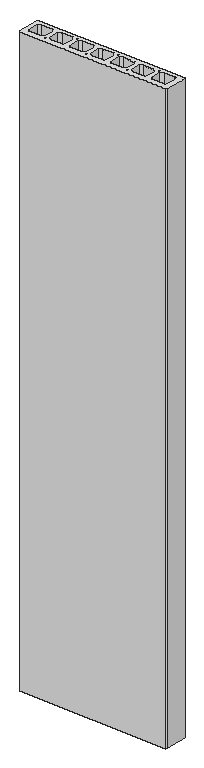
Revit family "ECP_MNLK-7750S6", category Generic Models, Revit 2022
Family settings
  Can host rebar = No
  Round Connector Dimension = Use Diameter
  Part Type = Normal
  Work Plane-Based = No
  Always vertical = Yes
  Cut with Voids When Loaded = Yes
  Maintain Annotation Orientation = No
  Shared = No
  Room Calculation Point = No
Parameters (values of type "ECP_MNLK-7750S6")
  長さ [instance] = 2000 mm
  穴表示 = yes
  材質 = 40Msr_ECP
  Default Elevation = 0 mm
  既存長さ = 510 mm
  幅 [instance] = 500 mm
  固定寸法 = 500 mm
  厚さ = 77 mm
  メースカット非表示 = yes
  メースカット [instance] = 既存長さ - 幅 - 10 mm  # 0 mm
  オースカット非表示 = no
  オースカット = 0 mm
Reference planes
  plane 1 "中心(正面/背面)": y = 0
  plane 2: z = 0
  plane 3 "中心(左/右)": x = 0
  plane 4: y = -38.5
  plane 5: y = 38.5
  plane 6: z = 2000
  plane 7: x = 500
Forms (mm)
  Extrusion 1, solid, material "40Msr_ECP" <- "材質", detail levels fine
    sketch origin (0, 0, 0) x (1, 0, 0) y (0, 1, 0)
      loop
        line (0, -35.5) -> (3, -38.5) -> (497, -38.5) -> (500, -35.5) -> (500, 35.5) -> (497, 38.5) -> (3, 38.5) -> (0, 35.5) -> (0, -35.5)
    from 0 to 2000
  Extrusion 2, void
    sketch origin (-50, 0, 0) x (1, 0, 0) y (0, 1, 0)
      loop
        line (550, -38.5) -> (560, -38.5) -> (560, 38.5) -> (550, 38.5) -> (550, -38.5)
    from 0 to 2000
  Extrusion 3, void
    sketch origin (-617, 0, 0) x (1, 0, 0) y (0, 1, 0)
      loop
        line (640, -23.5) -> (678.5, -23.5) -> (686.5, -15.5) -> (686.5, 15.5)
        arc (686.5, 15.5) -> (684.157, 21.157) -> (678.5, 23.5) r 8
        line (678.5, 23.5) -> (640, 23.5)
        arc (640, 23.5) -> (634.343, 21.157) -> (632, 15.5) r 8
        line (632, 15.5) -> (632, -15.5)
        arc (632, -15.5) -> (634.343, -21.157) -> (640, -23.5) r 8
      loop
        line (709.5, -23.5) -> (747.7, -23.5)
        arc (747.7, -23.5) -> (753.357, -21.157) -> (755.7, -15.5) r 8
        line (755.7, -15.5) -> (755.7, 15.5) -> (747.7, 23.5) -> (709.5, 23.5)
        arc (709.5, 23.5) -> (703.843, 21.157) -> (701.5, 15.5) r 8
        line (701.5, 15.5) -> (701.5, -15.5) -> (709.5, -23.5)
      loop
        line (778.7, -23.5) -> (816.9, -23.5) -> (824.9, -15.5) -> (824.9, 15.5)
        arc (824.9, 15.5) -> (822.557, 21.157) -> (816.9, 23.5) r 8
        line (816.9, 23.5) -> (778.7, 23.5) -> (770.7, 15.5) -> (770.7, -15.5)
        arc (770.7, -15.5) -> (773.043, -21.157) -> (778.7, -23.5) r 8
      loop
        line (847.9, -23.5) -> (886.1, -23.5)
        arc (886.1, -23.5) -> (891.757, -21.157) -> (894.1, -15.5) r 8
        line (894.1, -15.5) -> (894.1, 15.5) -> (886.1, 23.5) -> (847.9, 23.5)
        arc (847.9, 23.5) -> (842.243, 21.157) -> (839.9, 15.5) r 8
        line (839.9, 15.5) -> (839.9, -15.5) -> (847.9, -23.5)
      loop
        line (917.1, 23.5) -> (909.1, 15.5) -> (909.1, -15.5)
        arc (909.1, -15.5) -> (911.443, -21.157) -> (917.1, -23.5) r 8
        line (917.1, -23.5) -> (955.3, -23.5) -> (963.3, -15.5) -> (963.3, 15.5)
        arc (963.3, 15.5) -> (960.957, 21.157) -> (955.3, 23.5) r 8
        line (955.3, 23.5) -> (917.1, 23.5)
      loop
        arc (986.3, 23.5) -> (980.643, 21.157) -> (978.3, 15.5) r 8
        line (978.3, 15.5) -> (978.3, -15.5) -> (986.3, -23.5) -> (1023.5, -23.5)
        arc (1023.5, -23.5) -> (1029.864, -20.864) -> (1032.5, -14.5) r 9
        line (1032.5, -14.5) -> (1032.5, 15.5) -> (1024.5, 23.5) -> (986.3, 23.5)
      loop
        line (1055.5, 23.5) -> (1047.5, 15.5) -> (1047.5, -15.5)
        arc (1047.5, -15.5) -> (1049.843, -21.157) -> (1055.5, -23.5) r 8
        line (1055.5, -23.5) -> (1093.7, -23.5)
        arc (1093.7, -23.5) -> (1099.357, -21.157) -> (1101.7, -15.5) r 8
        line (1101.7, -15.5) -> (1101.7, 14.5)
        arc (1101.7, 14.5) -> (1099.064, 20.864) -> (1092.7, 23.5) r 9
        line (1092.7, 23.5) -> (1055.5, 23.5)
      loop
        circle (694, -23.5) r 1.3
      loop
        circle (763.2, 23.5) r 1.3
      loop
        circle (832.4, -23.5) r 1.3
      loop
        circle (901.6, 23.5) r 1.3
      loop
        circle (970.8, -23.5) r 1.3
      loop
        circle (1040, 23.5) r 1.3
    from 0 to 2000
Cuts and joins
  Extrusion 2, Extrusion 3 cuts Extrusion 1
Lines and regions (mm)
  symbolic lines, style "ECPパネル", detail levels coarse+medium
    curve 1: line (0, 38.5, 0) -> (500, 38.5, 0)
    curve 2: line (0, -38.5, 0) -> (0, 38.5, 0)
    curve 3: line (500, -38.5, 0) -> (0, -38.5, 0)
    curve 4: line (500, 38.5, 0) -> (500, -38.5, 0)
    curve 5: line (0, 0, 0) -> (500, 0, 0)
    curve 6: line (0, 0, 2000) -> (0, 0, 0)
    curve 7: line (500, 0, 2000) -> (0, 0, 2000)
    curve 8: line (500, 0, 0) -> (500, 0, 2000)
    curve 9: line (0, -38.5, 2000) -> (0, 38.5, 2000)
    curve 10: line (0, -38.5, 0) -> (0, -38.5, 2000)
    curve 11: line (0, 38.5, 0) -> (0, -38.5, 0)
    curve 12: line (0, 38.5, 2000) -> (0, 38.5, 0)
  model lines, detail levels coarse+medium
    curve 13: line (0, 8, 0) -> (0, -8, 0)
Dimensions and locks
  "厚さ": plane 4 to plane 5
  "長さ": plane 6 to level
  equal spacing: plane 4, plane 1 "中心(正面/背面)", plane 5
  "既存長さ": plane 3 "中心(左/右)" to Extrusion 2
  "長さ": cut or joined group of Extrusion 1, Extrusion 2, Extrusion 3 to level
  "長さ": Extrusion 2 to level
  "幅": cut or joined group of Extrusion 1, Extrusion 2, Extrusion 3 to curve 8
  "長さ": level to Extrusion 3
  "幅": plane 3 "中心(左/右)" to plane 7
  "固定寸法": plane 3 "中心(左/右)" to cut or joined group of Extrusion 1, Extrusion 2, Extrusion 3
  "メースカット": Extrusion 2 sketch curve to cut or joined group of Extrusion 1, Extrusion 2, Extrusion 3
  aligned and locked: level to plane 2
Automatic sketch dimensions
  curve 11 to level = 0 mm
  curve 11 to plane 4 = 0 mm
  curve 11 to plane 5 = 0 mm
  curve 10 to plane 6 = 0 mm
  curve 7 to plane 3 "中心(左/右)" = 0 mm
  curve 7 to plane 6 = 0 mm
  curve 8 to level = 0 mm
  Extrusion 1 sketch curve to plane 3 "中心(左/右)" = 0 mm
  plane 4 to Extrusion 1 sketch curve = 0 mm
  plane 5 to Extrusion 1 sketch curve = 0 mm
  plane 3 "中心(左/右)" to Extrusion 1 sketch curve = 3 mm  (x2)
  Extrusion 1 sketch curve to plane 4 = 3 mm  (x2)
  plane 5 to Extrusion 1 sketch curve = 3 mm  (x2)
  Extrusion 1 sketch curve to Extrusion 1 sketch curve = 3 mm
  Extrusion 1 sketch curve to Extrusion 1 sketch curve = 0 mm
  Extrusion 1 sketch curve to Extrusion 1 sketch curve = 494 mm
  plane 3 "中心(左/右)" to Extrusion 3 sketch curve = 15 mm
  Extrusion 3 sketch curve to Extrusion 3 sketch curve = 8 mm  (x34)
  Extrusion 3 sketch curve to plane 4 = 15 mm  (x8)
  Extrusion 3 sketch curve to Extrusion 3 sketch curve = 38.5 mm  (x2)
  plane 5 to Extrusion 3 sketch curve = 15 mm  (x6)
  plane 1 "中心(正面/背面)" to Extrusion 3 sketch curve = 15.5 mm  (x4)
  Extrusion 3 sketch curve to Extrusion 3 sketch curve = 7.5 mm  (x10)
  Extrusion 3 sketch curve to Extrusion 3 sketch curve = 38.2 mm  (x7)
  Extrusion 3 sketch curve to Extrusion 3 sketch curve = 15 mm  (x2)
  Extrusion 3 sketch curve to plane 1 "中心(正面/背面)" = 15.5 mm  (x2)
  Extrusion 3 sketch curve to Extrusion 3 sketch curve = 37.2 mm  (x2)
  Extrusion 3 sketch curve to Extrusion 3 sketch curve = 1 mm  (x2)
  plane 4 to Extrusion 2 sketch curve = 0 mm
  plane 5 to Extrusion 2 sketch curve = 0 mm
  Extrusion 2 sketch curve to Extrusion 2 sketch curve = 10 mm
  curve 1 to plane 3 "中心(左/右)" = 0 mm
  curve 13 to plane 3 "中心(左/右)" = 0 mm
  plane 4 to curve 4 = 0 mm
  curve 4 to plane 7 = 0 mm
  plane 5 to curve 1 = 0 mm
  plane 1 "中心(正面/背面)" to curve 13 = 8 mm
  curve 13 to plane 1 "中心(正面/背面)" = 8 mm
  radius of Extrusion 3 sketch curve = 1.3 mm  (x6)
